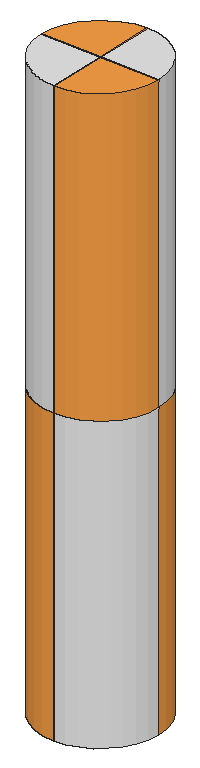
Revit family "DBU_GM_UN_Opening-SymbolicCircular_gen_BERSnl", category Generic Models, Revit 2022
Family settings
  Can host rebar = No
  Round Connector Dimension = Use Diameter
  Part Type = Normal
  Work Plane-Based = No
  Always vertical = No
  Cut with Voids When Loaded = No
  Maintain Annotation Orientation = No
  Shared = No
  Room Calculation Point = No
Parameters (values of type "Floor")
  Wall = no
  ViewCutPlane [instance] = 1500 mm
  Response [instance] = if(DBU_OpeningStatus = 0, "Request", if(DBU_OpeningStatus = 1, "Declined", if(DBU_OpeningStatus = 2, "Approved", if(DBU_OpeningStatus = 3, "Approved Drilling", if(DBU_OpeningStatus = 4, "On Hold", if(DBU_OpeningStatus = 5, "Executed", "Invalid"))))))  # "Request"
  Request [instance] = DBU_OpeningStatus = 0  # yes
  ParameterLock [instance] = 0 mm  # constant formula
  On Hold [instance] = DBU_OpeningStatus = 3  # no
  Not Drilling [instance] = yes
  Floor = not(Wall)  # yes
  Execution Type [instance] = if(Not Drilling, "Not Drilling", "Drilling")  # "Not Drilling"
  Executed [instance] = DBU_OpeningStatus = 4  # no
  Drilling [instance] = not(Not Drilling)  # no
  Default Elevation = 0 mm
  Declined [instance] = DBU_OpeningStatus = 1  # no
  DBU_OpeningStatus [instance] = 0
  DBU_CTE_Zone [instance] = ""
  DBU_CTE_Z Value - Top [instance] = ""
  DBU_CTE_Z Value - Center [instance] = ""
  DBU_CTE_Z Coordinate Value [instance] = ""
  DBU_CTE_Opening Host Link [instance] = ""
  DBU_CTE_Opening Host Element [instance] = ""
  DBU_CTE_Opening Host Category [instance] = ""
  DBU_CTE_Level [instance] = ""
  DBU_CTE_ID [instance] = ""
  DBU_CTE_Host ID [instance] = ""
  DBU_CTE_Discipline = ""
  DBU_CTE_Classificatie [instance] = ""
  DBU_CTE_BuildingPart [instance] = ""
  DBU_CLE_Radius [instance] = (DBU_CLE_Diameter / 2) + ParameterLock  # 100 mm
  DBU_CLE_Diameter [instance] = 200 mm
  DBU_CLE_Depth [instance] = 1000 mm
  Approved [instance] = DBU_OpeningStatus = 2  # no
Types (2, lengths in mm): name | Wall | Floor
  Floor | no | yes
  Wall | yes | no
Reference planes
  plane 1 "Center (Front/Back)": y = 0
  plane 2: z = 0
  plane 3 "Center (Left/Right)": x = 0
  plane 4: z = -100
  plane 5: z = -1000
  plane 6: z = -500
  plane 7: z = 1500
  plane 8: z = -2500
  plane 9: z = 1500
  plane 10: z = -2000
Lines and regions (mm)
  model lines, style "InvisibleLines", visible <- "Floor"
    curve 1: line (0, 0, -2500) -> (0, 0, 1500)
  model lines, style "InvisibleLines", visible <- "Wall"
    curve 2: line (0, 0, -2000) -> (0, 0, 1500)
Dimensions and locks
  "DBU_CLE_Radius": level to plane 4
  "DBU_CLE_Depth": level to plane 5
  equal spacing: level, plane 6, plane 5
  "ViewCutPlane": plane 5 to plane 8
  "ViewCutPlane": plane 7 to level
  "ViewCutPlane": plane 9 to level
  "ViewCutPlane": plane 6 to plane 10
  aligned and locked: level to plane 2
  aligned and locked: plane 3 "Center (Left/Right)" to nested 1
  aligned and locked: plane 1 "Center (Front/Back)" to nested 1
  aligned and locked: level to nested 1
  aligned and locked: curve 1 to plane 3 "Center (Left/Right)"
  aligned and locked: curve 1 to plane 1 "Center (Front/Back)"
  aligned and locked: plane 3 "Center (Left/Right)" to nested 3
  aligned and locked: nested 2 to plane 1 "Center (Front/Back)"
  aligned and locked: level to nested 2
  aligned and locked: nested 5 to plane 1 "Center (Front/Back)"
  aligned and locked: nested 5 to plane 6
  aligned and locked: plane 6 to nested 6
  aligned and locked: nested 6 to plane 3 "Center (Left/Right)"
  aligned and locked: plane 1 "Center (Front/Back)" to nested 7
  aligned and locked: plane 3 "Center (Left/Right)" to nested 7
  aligned and locked: nested 8 to plane 4
  aligned and locked: plane 3 "Center (Left/Right)" to nested 8
  aligned and locked: plane 7 to curve 1
  aligned and locked: plane 8 to curve 1
  aligned and locked: plane 9 to curve 2
  aligned and locked: plane 10 to curve 2
  aligned and locked: curve 2 to plane 3 "Center (Left/Right)"
Nested families
  nested 1: "DBU_OpeningCircular" at (0, 0, 0), Depth <- "DBU_CLE_Depth", Diameter <- "DBU_CLE_Diameter", ConstructorStatus <- "DBU_OpeningStatus", visible <- "Wall", type "Wall"
    with Request yes, RecessNeutral Color RGB 230-230-230, Radius 100 mm, OnHold no, Executed no, Diameter 200 mm, Depth 1000 mm, Declined no, ConstructorStatus 0, Approved no
  nested 2: "DBU_OpeningCircular" at (0, -100, -500) x (1, 0, 0) z (0, -1, 0), Depth <- "DBU_CLE_Depth", Diameter <- "DBU_CLE_Diameter", visible <- "Floor", ConstructorStatus <- "DBU_OpeningStatus", type "Floor"
    with Request yes, RecessNeutral Color RGB 230-230-230, Radius 100 mm, OnHold no, Executed no, Diameter 200 mm, Depth 1000 mm, Declined no, ConstructorStatus 0, Approved no
  nested 3: "DBU_00_DI_WB_Opening Detail_gen_BERSnl" at (0, 0, 0) x (0, 1, 0) z (0, 0, 1), visible <- "Wall", Length <- "DBU_CLE_Depth", Width <- "DBU_CLE_Diameter", type "DBU_00_DI_WB_Opening Detail_gen_BERSnl"
    with Width 200 mm, Length 1000 mm
  nested 4: "DBU_00_DI_WB_Opening Detail_gen_BERSnl" at (0, 0, -100) x (0, 1, 0) z (1, 0, 0), visible <- "Wall", Length <- "DBU_CLE_Depth", Width <- "DBU_CLE_Diameter", type "DBU_00_DI_WB_Opening Detail_gen_BERSnl"
    with Width 200 mm, Length 1000 mm
  nested 5: "DBU_00_DI_WB_Opening Detail_gen_BERSnl" at (0, 0, -500) x (0, 0, -1) z (1, 0, 0), Length <- "DBU_CLE_Depth", Width <- "DBU_CLE_Diameter", visible <- "Floor", type "DBU_00_DI_WB_Opening Detail_gen_BERSnl"
    with Width 200 mm, Length 1000 mm
  nested 6: "DBU_00_DI_WB_Opening Detail_gen_BERSnl" at (0, 0, -500) x (0, 0, 1) z (0, -1, 0), Length <- "DBU_CLE_Depth", Width <- "DBU_CLE_Diameter", visible <- "Floor", type "DBU_00_DI_WB_Opening Detail_gen_BERSnl"
    with Width 200 mm, Length 1000 mm
  nested 7: "DBU_00_DI_UN_Opening Detail - Rond_gen_BERSnl" at (0, 0, 0), DiameterOpening <- "DBU_CLE_Diameter", visible <- "Floor", type "DBU_00_DI_UN_Opening Detail - Rond_gen_BERSnl"
    with DiameterOpening 200 mm
  nested 8: "DBU_00_DI_UN_Opening Detail - Rond_gen_BERSnl" at (0, 0, -100) x (1, 0, 0) z (0, -1, 0), DiameterOpening <- "DBU_CLE_Diameter", visible <- "Wall", type "DBU_00_DI_UN_Opening Detail - Rond_gen_BERSnl"
    with DiameterOpening 200 mm
Definition of nested family "DBU_OpeningCircular"
  Parameters (values of type "Floor")
    Request [instance] = not(or(Declined, Approved, OnHold, Executed))  # yes
    RecessNeutral [instance] = none
    Radius [instance] = Diameter / 2  # 75 mm
    OnHold [instance] = ConstructorStatus = 3  # no
    Executed [instance] = ConstructorStatus = 4  # no
    Diameter [instance] = 150 mm
    Depth [instance] = 1000 mm
    Default Elevation = 1219.2 mm
    Declined [instance] = ConstructorStatus = 1  # no
    ConstructorStatus [instance] = 0
    Approved [instance] = ConstructorStatus = 2  # no
  Types (2): name
    Floor
    Wall
  Reference planes
    plane 1 "Center (Front/Back)": y = 0
    plane 2: z = 0
    plane 3 "Center (Left/Right)": x = 0
    plane 4: y = 500
    plane 5: y = -500
    plane 6: z = -75
    plane 7: z = -150
  Forms (mm)
    Extrusion 1, solid, visible <- "Request"
      sketch origin (0, 0, 0) x (1, 0, 0) y (0, 0, 1)
        loop
          line (0, -75) -> (0, 0)
          arc (0, 0) -> (-53.033, -21.967) -> (-75, -75) r 75
          line (-75, -75) -> (0, -75)
      from 0 to 500
    Extrusion 2, solid, material <- "RecessNeutral"
      sketch origin (0, 0, 0) x (1, 0, 0) y (0, 0, 1)
        loop
          line (0, -75) -> (75, -75)
          arc (75, -75) -> (53.033, -21.967) -> (0, 0) r 75
          line (0, 0) -> (0, -75)
      from 0 to 500
    Extrusion 3, solid, material <- "RecessNeutral"
      sketch origin (0, 0, 0) x (1, 0, 0) y (0, 0, 1)
        loop
          arc (-75, -75) -> (-53.033, -128.033) -> (0, -150) r 75
          line (0, -150) -> (0, -75) -> (-75, -75)
      from 0 to 500
    Extrusion 4, solid, visible <- "Request"
      sketch origin (0, 0, 0) x (1, 0, 0) y (0, 0, 1)
        loop
          line (75, -75) -> (0, -75) -> (0, -150)
          arc (0, -150) -> (53.033, -128.033) -> (75, -75) r 75
      from 0 to 500
    Extrusion 5, solid, visible <- "Request"
      sketch origin (0, 0, 0) x (1, 0, 0) y (0, 0, 1)
        loop
          arc (75, -75) -> (53.033, -21.967) -> (0, 0) r 75
          line (0, 0) -> (0, -75) -> (75, -75)
      from -500 to 0
    Extrusion 6, solid, material <- "RecessNeutral"
      sketch origin (0, 0, 0) x (1, 0, 0) y (0, 0, 1)
        loop
          line (75, -75) -> (0, -75) -> (0, -150)
          arc (0, -150) -> (53.033, -128.033) -> (75, -75) r 75
      from -500 to 0
    Extrusion 7, solid, material <- "RecessNeutral"
      sketch origin (0, 0, 0) x (1, 0, 0) y (0, 0, 1)
        loop
          arc (0, 0) -> (-53.033, -21.967) -> (-75, -75) r 75
          line (-75, -75) -> (0, -75) -> (0, 0)
      from -500 to 0
    Extrusion 8, solid, visible <- "Request"
      sketch origin (0, 0, 0) x (1, 0, 0) y (0, 0, 1)
        loop
          line (0, -150) -> (0, -75) -> (-75, -75)
          arc (-75, -75) -> (-53.033, -128.033) -> (0, -150) r 75
      from -500 to 0
    Extrusion 9, solid, visible <- "Declined"
      sketch origin (0, 0, 0) x (1, 0, 0) y (0, 0, 1)
        loop
          line (0, -75) -> (0, 0)
          arc (0, 0) -> (-53.033, -21.967) -> (-75, -75) r 75
          line (-75, -75) -> (0, -75)
      from 0 to 500
    Extrusion 10, solid, visible <- "Declined"
      sketch origin (0, 0, 0) x (1, 0, 0) y (0, 0, 1)
        loop
          line (75, -75) -> (0, -75) -> (0, -150)
          arc (0, -150) -> (53.033, -128.033) -> (75, -75) r 75
      from 0 to 500
    Extrusion 11, solid, visible <- "Declined"
      sketch origin (0, 0, 0) x (1, 0, 0) y (0, 0, 1)
        loop
          arc (75, -75) -> (53.033, -21.967) -> (0, 0) r 75
          line (0, 0) -> (0, -75) -> (75, -75)
      from -500 to 0
    Extrusion 12, solid, visible <- "Declined"
      sketch origin (0, 0, 0) x (1, 0, 0) y (0, 0, 1)
        loop
          line (0, -150) -> (0, -75) -> (-75, -75)
          arc (-75, -75) -> (-53.033, -128.033) -> (0, -150) r 75
      from -500 to 0
    Extrusion 13, solid, visible <- "Approved"
      sketch origin (0, 0, 0) x (1, 0, 0) y (0, 0, 1)
        loop
          line (0, -75) -> (0, 0)
          arc (0, 0) -> (-53.033, -21.967) -> (-75, -75) r 75
          line (-75, -75) -> (0, -75)
      from 0 to 500
    Extrusion 14, solid, visible <- "Approved"
      sketch origin (0, 0, 0) x (1, 0, 0) y (0, 0, 1)
        loop
          line (75, -75) -> (0, -75) -> (0, -150)
          arc (0, -150) -> (53.033, -128.033) -> (75, -75) r 75
      from 0 to 500
    Extrusion 15, solid, visible <- "Approved"
      sketch origin (0, 0, 0) x (1, 0, 0) y (0, 0, 1)
        loop
          arc (75, -75) -> (53.033, -21.967) -> (0, 0) r 75
          line (0, 0) -> (0, -75) -> (75, -75)
      from -500 to 0
    Extrusion 16, solid, visible <- "Approved"
      sketch origin (0, 0, 0) x (1, 0, 0) y (0, 0, 1)
        loop
          line (0, -150) -> (0, -75) -> (-75, -75)
          arc (-75, -75) -> (-53.033, -128.033) -> (0, -150) r 75
      from -500 to 0
    Extrusion 17, solid, visible <- "OnHold"
      sketch origin (0, 0, 0) x (1, 0, 0) y (0, 0, 1)
        loop
          line (0, -75) -> (0, 0)
          arc (0, 0) -> (-53.033, -21.967) -> (-75, -75) r 75
          line (-75, -75) -> (0, -75)
      from 0 to 500
    Extrusion 18, solid, visible <- "OnHold"
      sketch origin (0, 0, 0) x (1, 0, 0) y (0, 0, 1)
        loop
          line (75, -75) -> (0, -75) -> (0, -150)
          arc (0, -150) -> (53.033, -128.033) -> (75, -75) r 75
      from 0 to 500
    Extrusion 19, solid, visible <- "OnHold"
      sketch origin (0, 0, 0) x (1, 0, 0) y (0, 0, 1)
        loop
          arc (75, -75) -> (53.033, -21.967) -> (0, 0) r 75
          line (0, 0) -> (0, -75) -> (75, -75)
      from -500 to 0
    Extrusion 20, solid, visible <- "OnHold"
      sketch origin (0, 0, 0) x (1, 0, 0) y (0, 0, 1)
        loop
          line (0, -150) -> (0, -75) -> (-75, -75)
          arc (-75, -75) -> (-53.033, -128.033) -> (0, -150) r 75
      from -500 to 0
    Extrusion 21, solid, visible <- "Executed"
      sketch origin (0, 0, 0) x (1, 0, 0) y (0, 0, 1)
        loop
          line (0, -75) -> (0, 0)
          arc (0, 0) -> (-53.033, -21.967) -> (-75, -75) r 75
          line (-75, -75) -> (0, -75)
      from 0 to 500
    Extrusion 22, solid, visible <- "Executed"
      sketch origin (0, 0, 0) x (1, 0, 0) y (0, 0, 1)
        loop
          line (75, -75) -> (0, -75) -> (0, -150)
          arc (0, -150) -> (53.033, -128.033) -> (75, -75) r 75
      from 0 to 500
    Extrusion 23, solid, visible <- "Executed"
      sketch origin (0, 0, 0) x (1, 0, 0) y (0, 0, 1)
        loop
          arc (75, -75) -> (53.033, -21.967) -> (0, 0) r 75
          line (0, 0) -> (0, -75) -> (75, -75)
      from -500 to 0
    Extrusion 24, solid, visible <- "Executed"
      sketch origin (0, 0, 0) x (1, 0, 0) y (0, 0, 1)
        loop
          line (0, -150) -> (0, -75) -> (-75, -75)
          arc (-75, -75) -> (-53.033, -128.033) -> (0, -150) r 75
      from -500 to 0
  Dimensions and locks
    equal spacing: plane 4, plane 1 "Center (Front/Back)", plane 5
    "Depth": plane 4 to plane 5
    "Radius": level to plane 6
    "Radius": plane 6 to plane 7
    "Radius": radius of Extrusion 1 sketch curve
    "Radius": radius of Extrusion 2 sketch curve
    "Radius": radius of Extrusion 3 sketch curve
    "Radius": radius of Extrusion 4 sketch curve
    "Radius": radius of Extrusion 5 sketch curve
    "Radius": radius of Extrusion 6 sketch curve
    "Radius": radius of Extrusion 7 sketch curve
    "Radius": radius of Extrusion 8 sketch curve
    "Radius": radius of Extrusion 9 sketch curve
    "Radius": radius of Extrusion 10 sketch curve
    "Radius": radius of Extrusion 11 sketch curve
    "Radius": radius of Extrusion 12 sketch curve
    "Radius": radius of Extrusion 13 sketch curve
    "Radius": radius of Extrusion 14 sketch curve
    "Radius": radius of Extrusion 15 sketch curve
    "Radius": radius of Extrusion 16 sketch curve
    "Radius": radius of Extrusion 17 sketch curve
    "Radius": radius of Extrusion 18 sketch curve
    "Radius": radius of Extrusion 19 sketch curve
    "Radius": radius of Extrusion 20 sketch curve
    "Radius": radius of Extrusion 21 sketch curve
    "Radius": radius of Extrusion 22 sketch curve
    "Radius": radius of Extrusion 23 sketch curve
    "Radius": radius of Extrusion 24 sketch curve
    aligned and locked: level to plane 2
    aligned and locked: plane 3 "Center (Left/Right)" to Extrusion 1 sketch curve
    aligned and locked: plane 6 to Extrusion 1 sketch curve
    aligned and locked: Extrusion 1 to plane 5
    aligned and locked: plane 3 "Center (Left/Right)" to Extrusion 2 sketch curve  (x2)
    aligned and locked: Extrusion 2 sketch curve to plane 6
    aligned and locked: plane 6 to Extrusion 2 sketch curve
    aligned and locked: Extrusion 2 to plane 5
    aligned and locked: Extrusion 3 sketch curve to plane 6
    aligned and locked: Extrusion 3 sketch curve to plane 3 "Center (Left/Right)"
    aligned and locked: plane 3 "Center (Left/Right)" to Extrusion 3 sketch curve
    aligned and locked: plane 6 to Extrusion 3 sketch curve
    aligned and locked: Extrusion 3 to plane 5
    aligned and locked: plane 3 "Center (Left/Right)" to Extrusion 4 sketch curve
    aligned and locked: plane 6 to Extrusion 4 sketch curve  (x2)
    aligned and locked: Extrusion 4 sketch curve to plane 3 "Center (Left/Right)"
    aligned and locked: Extrusion 4 to plane 5
    aligned and locked: Extrusion 1 to plane 1 "Center (Front/Back)"
    aligned and locked: Extrusion 2 to plane 1 "Center (Front/Back)"
    aligned and locked: Extrusion 4 to plane 1 "Center (Front/Back)"
    aligned and locked: Extrusion 3 to plane 1 "Center (Front/Back)"
    aligned and locked: Extrusion 5 sketch curve to plane 3 "Center (Left/Right)"
    aligned and locked: Extrusion 5 sketch curve to plane 6
    aligned and locked: plane 3 "Center (Left/Right)" to Extrusion 5 sketch curve
    aligned and locked: plane 6 to Extrusion 5 sketch curve
    aligned and locked: plane 4 to Extrusion 5
    aligned and locked: plane 1 "Center (Front/Back)" to Extrusion 5
    aligned and locked: Extrusion 6 sketch curve to plane 6
    aligned and locked: plane 3 "Center (Left/Right)" to Extrusion 6 sketch curve  (x2)
    aligned and locked: plane 6 to Extrusion 6 sketch curve
    aligned and locked: plane 4 to Extrusion 6
    aligned and locked: plane 1 "Center (Front/Back)" to Extrusion 6
    aligned and locked: plane 3 "Center (Left/Right)" to Extrusion 7 sketch curve  (x2)
    aligned and locked: Extrusion 7 sketch curve to plane 6
    aligned and locked: plane 6 to Extrusion 7 sketch curve
    aligned and locked: plane 4 to Extrusion 7
    aligned and locked: plane 1 "Center (Front/Back)" to Extrusion 7
    aligned and locked: Extrusion 8 sketch curve to plane 3 "Center (Left/Right)"
    aligned and locked: Extrusion 8 sketch curve to plane 6
    aligned and locked: plane 3 "Center (Left/Right)" to Extrusion 8 sketch curve
    aligned and locked: plane 6 to Extrusion 8 sketch curve
    aligned and locked: plane 4 to Extrusion 8
    aligned and locked: plane 1 "Center (Front/Back)" to Extrusion 8
    aligned and locked: plane 6 to Extrusion 9 sketch curve  (x2)
    aligned and locked: plane 3 "Center (Left/Right)" to Extrusion 9 sketch curve  (x2)
    aligned and locked: Extrusion 9 to plane 1 "Center (Front/Back)"
    aligned and locked: Extrusion 9 to plane 5
    aligned and locked: Extrusion 10 sketch curve to plane 3 "Center (Left/Right)"
    aligned and locked: plane 6 to Extrusion 10 sketch curve  (x2)
    aligned and locked: plane 3 "Center (Left/Right)" to Extrusion 10 sketch curve
    aligned and locked: Extrusion 10 to plane 1 "Center (Front/Back)"
    aligned and locked: Extrusion 10 to plane 5
    aligned and locked: Extrusion 11 sketch curve to plane 3 "Center (Left/Right)"
    aligned and locked: Extrusion 11 sketch curve to plane 6
    aligned and locked: plane 3 "Center (Left/Right)" to Extrusion 11 sketch curve
    aligned and locked: plane 6 to Extrusion 11 sketch curve
    aligned and locked: plane 1 "Center (Front/Back)" to Extrusion 11
    aligned and locked: plane 4 to Extrusion 11
    aligned and locked: Extrusion 12 sketch curve to plane 3 "Center (Left/Right)"
    aligned and locked: Extrusion 12 sketch curve to plane 6
    aligned and locked: plane 3 "Center (Left/Right)" to Extrusion 12 sketch curve
    aligned and locked: plane 6 to Extrusion 12 sketch curve
    aligned and locked: plane 1 "Center (Front/Back)" to Extrusion 12
    aligned and locked: plane 4 to Extrusion 12
    aligned and locked: plane 6 to Extrusion 13 sketch curve  (x2)
    aligned and locked: plane 3 "Center (Left/Right)" to Extrusion 13 sketch curve  (x2)
    aligned and locked: Extrusion 13 to plane 1 "Center (Front/Back)"
    aligned and locked: Extrusion 13 to plane 5
    aligned and locked: Extrusion 14 sketch curve to plane 3 "Center (Left/Right)"
    aligned and locked: plane 6 to Extrusion 14 sketch curve  (x2)
    aligned and locked: plane 3 "Center (Left/Right)" to Extrusion 14 sketch curve
    aligned and locked: Extrusion 14 to plane 1 "Center (Front/Back)"
    aligned and locked: Extrusion 14 to plane 5
    aligned and locked: Extrusion 15 sketch curve to plane 6
    aligned and locked: plane 6 to Extrusion 15 sketch curve
    aligned and locked: Extrusion 15 sketch curve to plane 3 "Center (Left/Right)"
    aligned and locked: plane 3 "Center (Left/Right)" to Extrusion 15 sketch curve
    aligned and locked: plane 1 "Center (Front/Back)" to Extrusion 15
    aligned and locked: plane 4 to Extrusion 15
    aligned and locked: Extrusion 16 sketch curve to plane 3 "Center (Left/Right)"
    aligned and locked: plane 3 "Center (Left/Right)" to Extrusion 16 sketch curve
    aligned and locked: plane 6 to Extrusion 16 sketch curve
    aligned and locked: Extrusion 16 sketch curve to plane 6
    aligned and locked: plane 1 "Center (Front/Back)" to Extrusion 16
    aligned and locked: plane 4 to Extrusion 16
    aligned and locked: plane 6 to Extrusion 17 sketch curve  (x2)
    aligned and locked: plane 3 "Center (Left/Right)" to Extrusion 17 sketch curve  (x2)
    aligned and locked: Extrusion 17 to plane 1 "Center (Front/Back)"
    aligned and locked: Extrusion 17 to plane 5
    aligned and locked: Extrusion 18 sketch curve to plane 3 "Center (Left/Right)"
    aligned and locked: plane 3 "Center (Left/Right)" to Extrusion 18 sketch curve
    aligned and locked: plane 6 to Extrusion 18 sketch curve  (x2)
    aligned and locked: Extrusion 18 to plane 1 "Center (Front/Back)"
    aligned and locked: Extrusion 18 to plane 5
    aligned and locked: plane 3 "Center (Left/Right)" to Extrusion 19 sketch curve
    aligned and locked: Extrusion 19 sketch curve to plane 3 "Center (Left/Right)"
    aligned and locked: plane 6 to Extrusion 19 sketch curve
    aligned and locked: Extrusion 19 sketch curve to plane 6
    aligned and locked: plane 1 "Center (Front/Back)" to Extrusion 19
    aligned and locked: plane 4 to Extrusion 19
    aligned and locked: Extrusion 20 sketch curve to plane 3 "Center (Left/Right)"
    aligned and locked: plane 6 to Extrusion 20 sketch curve
    aligned and locked: Extrusion 20 sketch curve to plane 6
    aligned and locked: plane 3 "Center (Left/Right)" to Extrusion 20 sketch curve
    aligned and locked: plane 1 "Center (Front/Back)" to Extrusion 20
    aligned and locked: plane 4 to Extrusion 20
    aligned and locked: plane 6 to Extrusion 21 sketch curve  (x2)
    aligned and locked: plane 3 "Center (Left/Right)" to Extrusion 21 sketch curve  (x2)
    aligned and locked: Extrusion 21 to plane 1 "Center (Front/Back)"
    aligned and locked: Extrusion 21 to plane 5
    aligned and locked: Extrusion 22 sketch curve to plane 3 "Center (Left/Right)"
    aligned and locked: plane 3 "Center (Left/Right)" to Extrusion 22 sketch curve
    aligned and locked: plane 6 to Extrusion 22 sketch curve  (x2)
    aligned and locked: Extrusion 22 to plane 1 "Center (Front/Back)"
    aligned and locked: Extrusion 22 to plane 5
    aligned and locked: Extrusion 23 sketch curve to plane 6
    aligned and locked: plane 6 to Extrusion 23 sketch curve
    aligned and locked: Extrusion 23 sketch curve to plane 3 "Center (Left/Right)"
    aligned and locked: plane 3 "Center (Left/Right)" to Extrusion 23 sketch curve
    aligned and locked: plane 1 "Center (Front/Back)" to Extrusion 23
    aligned and locked: plane 4 to Extrusion 23
    aligned and locked: Extrusion 24 sketch curve to plane 3 "Center (Left/Right)"
    aligned and locked: plane 3 "Center (Left/Right)" to Extrusion 24 sketch curve
    aligned and locked: Extrusion 24 sketch curve to plane 6
    aligned and locked: plane 6 to Extrusion 24 sketch curve
    aligned and locked: plane 4 to Extrusion 24
    aligned and locked: plane 1 "Center (Front/Back)" to Extrusion 24
Definition of nested family "DBU_00_DI_WB_Opening Detail_gen_BERSnl"
  Parameters (values of type "DBU_00_DI_WB_Opening Detail_gen_BERSnl")
    Width [instance] = 500 mm
    Length [instance] = 1200 mm
  Reference planes
    plane 1 "Center (Front/Back)": y = 0
    plane 2: z = 0
    plane 3 "Center (Left/Right)": x = 0
    plane 4: x = -600
    plane 5: y = 250
    plane 6: x = 600
    plane 7: y = -250
  Lines and regions (mm)
    detail lines, in view "Ref. Level"
      curve 1: line (-600, -250, 0) -> (-600, 250, 0)
      curve 2: line (-600, 250, 0) -> (600, 250, 0)
      curve 3: line (600, 250, 0) -> (600, -250, 0)
      curve 4: line (600, -250, 0) -> (-600, -250, 0)
      curve 5: line (-600, -250, 0) -> (600, 250, 0)
      curve 6: line (-600, 250, 0) -> (600, -250, 0)
  Dimensions and locks
    equal spacing: plane 5, plane 1 "Center (Front/Back)", plane 7
    "Width": plane 5 to plane 7
    equal spacing: plane 4, plane 3 "Center (Left/Right)", plane 6
    "Length": plane 4 to plane 6
    aligned and locked: curve 1 to plane 4
    aligned and locked: curve 2 to plane 5
    aligned and locked: curve 3 to plane 6
    aligned and locked: plane 7 to curve 4
Definition of nested family "DBU_00_DI_UN_Opening Detail - Rond_gen_BERSnl"
  Parameters (values of type "DBU_00_DI_UN_Opening Detail - Rond_gen_BERSnl")
    DiameterOpening [instance] = 800 mm
  Reference planes
    plane 1 "Center (Front/Back)": y = 0
    plane 2: z = 0
    plane 3 "Center (Left/Right)": x = 0
  Lines and regions (mm)
    reference lines, in view "Ref. Level"
      curve 1: circle (0, 0, 0) r 400 normal (0, 0, 1)
      curve 2: line (0, 0, 0) -> (876.812, 876.812, 0)
      curve 5: line (0, 0, 0) -> (-678.823, 678.823, 0)
    detail lines, in view "Ref. Level"
      curve 3: circle (0, 0, 0) r 400 normal (0, 0, 1)
      curve 4: line (-282.843, -282.843, 0) -> (282.843, 282.843, 0)
      curve 6: line (-282.843, 282.843, 0) -> (282.843, -282.843, 0)
  Dimensions and locks
    "DiameterOpening": diameter of curve 1
    locked: plane 1 "Center (Front/Back)" to curve 2 (angle 45.00°)
    locked: curve 5 to plane 1 "Center (Front/Back)" (angle 45.00°)
    aligned and locked: plane 3 "Center (Left/Right)" to curve 1
    aligned and locked: plane 1 "Center (Front/Back)" to curve 1
    aligned and locked: plane 1 "Center (Front/Back)" to curve 2
    aligned and locked: curve 3 to curve 1
    aligned and locked: curve 4 to curve 2
    aligned and locked: plane 3 "Center (Left/Right)" to curve 5
    aligned and locked: curve 6 to curve 5
